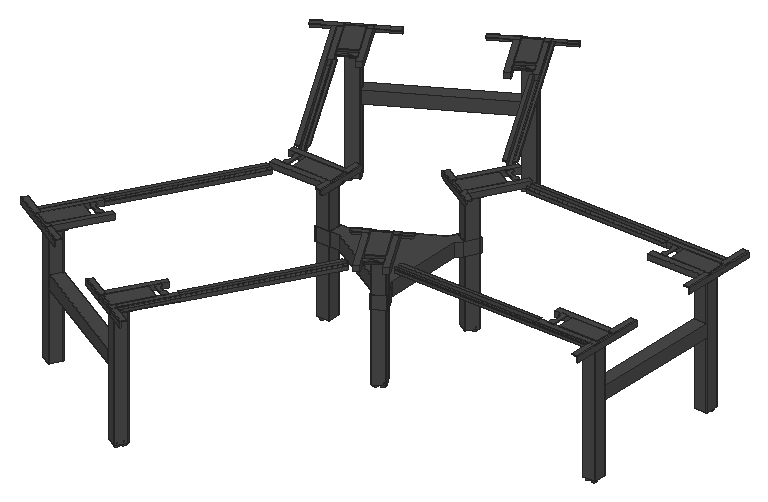
Revit family "Support-Teknion-HWBFYT_hiSpace_120_Frame-R2020", category Furniture, Revit 2020 (continued)
Dimensions and locks (in)
  aligned and locked: cut or joined group of Sweep 23, Sweep 25, Sweep 29 to curve 128
  aligned and locked: curve 130 to cut or joined group of Sweep 23, Sweep 25, Sweep 29
  aligned and locked: curve 132 to cut or joined group of Sweep 23, Sweep 25, Sweep 29
  aligned and locked: curve 133 to cut or joined group of Sweep 23, Sweep 25, Sweep 29
  aligned and locked: curve 134 to cut or joined group of Sweep 23, Sweep 25, Sweep 29
  aligned and locked: Sweep 20 to curve 128
  aligned and locked: Sweep 20 to curve 129
  aligned and locked: Sweep 16 to curve 135
  aligned and locked: Sweep 16 to curve 136
  aligned and locked: curve 135 to Sweep 13
  aligned and locked: Sweep 13 to curve 136
  aligned and locked: Sweep 20 to curve 135
  aligned and locked: Sweep 20 to curve 136
  aligned and locked: curve 137 to Sweep 13  (x2)
  aligned and locked: curve 138 to Sweep 13  (x2)
  aligned and locked: Sweep 13 to curve 137
  aligned and locked: Sweep 13 to curve 138
  aligned and locked: cut or joined group of Sweep 36, Sweep 37, Sweep 38 to curve 139  (x2)
  aligned and locked: Sweep 13 to curve 139
  aligned and locked: Masking region 4 sketch curve to cut or joined group of Sweep 50, Sweep 51, Sweep 56  (x11)
  aligned and locked: cut or joined group of Sweep 50, Sweep 51, Sweep 56 to Masking region 4 sketch curve  (x6)
  aligned and locked: Masking region 4 sketch curve to Sweep 8  (x2)
  aligned and locked: Sweep 18 to Masking region 4 sketch curve  (x9)
  aligned and locked: Masking region 4 sketch curve to Sweep 18  (x6)
  aligned and locked: cut or joined group of Sweep 48, Sweep 56 to Masking region 4 sketch curve
  aligned and locked: Masking region 4 sketch curve to cut or joined group of Sweep 48, Sweep 56  (x5)
  aligned and locked: Sweep 81 to Masking region 4 sketch curve  (x4)
  aligned and locked: Masking region 4 sketch curve to Sweep 81  (x2)
  aligned and locked: cut or joined group of Sweep 49, Sweep 56 to Masking region 4 sketch curve
  aligned and locked: Masking region 4 sketch curve to cut or joined group of Sweep 49, Sweep 56  (x5)
  aligned and locked: Masking region 4 sketch curve to Sweep 7  (x2)
  aligned and locked: curve 140 to cut or joined group of Sweep 50, Sweep 51, Sweep 56
  aligned and locked: curve 141 to cut or joined group of Sweep 50, Sweep 51, Sweep 56
  aligned and locked: cut or joined group of Sweep 50, Sweep 51, Sweep 56 to curve 140
  aligned and locked: plane 18 to curve 140
  aligned and locked: plane 18 to curve 141
  aligned and locked: cut or joined group of Sweep 50, Sweep 51, Sweep 56 to curve 141
  aligned and locked: curve 143 to Sweep 16  (x2)
  aligned and locked: curve 142 to Sweep 16
  aligned and locked: curve 142 to Sweep 8
  aligned and locked: Sweep 8 to curve 143
  aligned and locked: Sweep 16 to curve 142
  aligned and locked: cut or joined group of Sweep 48, Sweep 56 to curve 144
  aligned and locked: curve 145 to cut or joined group of Sweep 48, Sweep 56
  aligned and locked: curve 146 to cut or joined group of Sweep 48, Sweep 56
  aligned and locked: curve 147 to cut or joined group of Sweep 48, Sweep 56
  aligned and locked: curve 148 to cut or joined group of Sweep 48, Sweep 56
  aligned and locked: curve 149 to Masking region 4  (x2)
  aligned and locked: Masking region 4 to curve 149
  aligned and locked: curve 150 to Sweep 8  (x2)
  aligned and locked: curve 151 to Sweep 8  (x2)
  aligned and locked: Sweep 8 to curve 151
  aligned and locked: Sweep 8 to curve 150
  aligned and locked: curve 152 to cut or joined group of Sweep 50, Sweep 51, Sweep 56
  aligned and locked: curve 153 to cut or joined group of Sweep 50, Sweep 51, Sweep 56
  aligned and locked: plane 18 to curve 153
  aligned and locked: plane 18 to curve 152
  aligned and locked: cut or joined group of Sweep 50, Sweep 51, Sweep 56 to curve 153
  aligned and locked: cut or joined group of Sweep 50, Sweep 51, Sweep 56 to curve 152
  aligned and locked: Sweep 16 to curve 154
  aligned and locked: Sweep 7 to curve 154
  aligned and locked: curve 154 to Sweep 16
  aligned and locked: Sweep 16 to curve 155
  aligned and locked: curve 155 to Sweep 7
  aligned and locked: curve 155 to Sweep 16
  aligned and locked: Sweep 7 to curve 156  (x2)
  aligned and locked: Sweep 7 to curve 157  (x2)
  aligned and locked: curve 157 to Sweep 7
  aligned and locked: curve 156 to Sweep 7
  aligned and locked: curve 158 to cut or joined group of Sweep 49, Sweep 56
  aligned and locked: curve 159 to cut or joined group of Sweep 49, Sweep 56
  aligned and locked: curve 160 to cut or joined group of Sweep 49, Sweep 56
  aligned and locked: curve 161 to cut or joined group of Sweep 49, Sweep 56
  aligned and locked: cut or joined group of Sweep 49, Sweep 56 to curve 162  (x2)
  aligned and locked: cut or joined group of Sweep 49, Sweep 56 to curve 158
  aligned and locked: Masking region 4 to curve 163  (x3)
  aligned and locked: Masking region 4 sketch curve to cut or joined group of Sweep 43, Sweep 46, Sweep 56  (x6)
  aligned and locked: cut or joined group of Sweep 43, Sweep 46, Sweep 56 to Masking region 4 sketch curve  (x3)
  aligned and locked: Masking region 4 sketch curve to cut or joined group of Sweep 41, Sweep 56  (x5)
  aligned and locked: cut or joined group of Sweep 41, Sweep 56 to Masking region 4 sketch curve
  aligned and locked: Masking region 4 sketch curve to Sweep 14  (x2)
  aligned and locked: Sweep 45 to Masking region 4 sketch curve  (x2)
  aligned and locked: Masking region 4 sketch curve to Sweep 45  (x4)
  aligned and locked: Masking region 4 sketch curve to cut or joined group of Sweep 42, Sweep 47, Sweep 56  (x7)
  aligned and locked: cut or joined group of Sweep 42, Sweep 47, Sweep 56 to Masking region 4 sketch curve  (x2)
  aligned and locked: cut or joined group of Sweep 40, Sweep 56 to Masking region 4 sketch curve
  aligned and locked: Masking region 4 sketch curve to cut or joined group of Sweep 40, Sweep 56  (x5)
  aligned and locked: Sweep 44 to Masking region 4 sketch curve  (x2)
  aligned and locked: Masking region 4 sketch curve to Sweep 44  (x2)
  aligned and locked: Masking region 4 sketch curve to Sweep 15  (x2)
  aligned and locked: curve 164 to cut or joined group of Sweep 43, Sweep 46, Sweep 56
  aligned and locked: curve 165 to cut or joined group of Sweep 43, Sweep 46, Sweep 56
  aligned and locked: plane 20 to curve 164
  aligned and locked: plane 20 to curve 165
  aligned and locked: cut or joined group of Sweep 43, Sweep 46, Sweep 56 to curve 165
  aligned and locked: curve 166 to cut or joined group of Sweep 41, Sweep 56
  aligned and locked: curve 167 to cut or joined group of Sweep 41, Sweep 56
  aligned and locked: curve 168 to cut or joined group of Sweep 41, Sweep 56
  aligned and locked: cut or joined group of Sweep 41, Sweep 56 to curve 169  (x2)
  aligned and locked: curve 170 to cut or joined group of Sweep 41, Sweep 56
  aligned and locked: cut or joined group of Sweep 41, Sweep 56 to curve 166
  aligned and locked: Sweep 14 to curve 171
  aligned and locked: Sweep 16 to curve 171
  aligned and locked: curve 171 to Sweep 16
  aligned and locked: curve 172 to Sweep 14
  aligned and locked: Sweep 16 to curve 172
  aligned and locked: curve 172 to Sweep 16
  aligned and locked: curve 173 to Sweep 14  (x2)
  aligned and locked: curve 174 to Sweep 14  (x2)
  aligned and locked: Sweep 14 to curve 174
  aligned and locked: Sweep 14 to curve 173
  aligned and locked: curve 175 to Masking region 4
  aligned and locked: curve 164 to Masking region 4
  aligned and locked: curve 176 to cut or joined group of Sweep 40, Sweep 56
  aligned and locked: curve 177 to cut or joined group of Sweep 40, Sweep 56
  aligned and locked: curve 178 to cut or joined group of Sweep 40, Sweep 56
  aligned and locked: cut or joined group of Sweep 40, Sweep 56 to curve 179  (x2)
  aligned and locked: curve 180 to cut or joined group of Sweep 40, Sweep 56
  aligned and locked: cut or joined group of Sweep 40, Sweep 56 to curve 176
  aligned and locked: curve 181 to cut or joined group of Sweep 42, Sweep 47, Sweep 56
  aligned and locked: curve 182 to cut or joined group of Sweep 42, Sweep 47, Sweep 56
  aligned and locked: plane 20 to curve 181
  aligned and locked: plane 20 to curve 182
  aligned and locked: cut or joined group of Sweep 42, Sweep 47, Sweep 56 to curve 181
  aligned and locked: cut or joined group of Sweep 42, Sweep 47, Sweep 56 to curve 182
  aligned and locked: Sweep 16 to curve 184
  aligned and locked: Sweep 15 to curve 184
  aligned and locked: curve 183 to Sweep 15
  aligned and locked: Sweep 16 to curve 183
  aligned and locked: curve 183 to Sweep 16
  aligned and locked: curve 184 to Sweep 16
  aligned and locked: curve 185 to Sweep 15  (x2)
  aligned and locked: curve 186 to Sweep 15  (x2)
  aligned and locked: Sweep 15 to curve 185
  aligned and locked: Sweep 15 to curve 186
  aligned and locked: curve 187 to Masking region 4
  aligned and locked: Masking region 4 sketch curve to cut or joined group of Sweep 54, Sweep 55, Sweep 56  (x13)
  aligned and locked: Masking region 4 sketch curve to Sweep 17  (x5)
  aligned and locked: cut or joined group of Sweep 54, Sweep 55, Sweep 56 to Masking region 4 sketch curve  (x5)
  aligned and locked: Sweep 17 to Masking region 4 sketch curve  (x3)
  aligned and locked: Masking region 4 sketch curve to cut or joined group of Sweep 52, Sweep 56  (x5)
  aligned and locked: cut or joined group of Sweep 52, Sweep 56 to Masking region 4 sketch curve
  aligned and locked: Masking region 4 sketch curve to Sweep 11  (x2)
  aligned and locked: cut or joined group of Sweep 53, Sweep 56 to Masking region 4 sketch curve
  aligned and locked: Masking region 4 sketch curve to cut or joined group of Sweep 53, Sweep 56  (x5)
  aligned and locked: Masking region 4 sketch curve to Sweep 12  (x2)
  aligned and locked: curve 188 to cut or joined group of Sweep 54, Sweep 55, Sweep 56
  aligned and locked: curve 189 to cut or joined group of Sweep 54, Sweep 55, Sweep 56
  aligned and locked: plane 19 to curve 189
  aligned and locked: plane 19 to curve 188
  aligned and locked: cut or joined group of Sweep 54, Sweep 55, Sweep 56 to curve 188
  aligned and locked: cut or joined group of Sweep 54, Sweep 55, Sweep 56 to curve 189
  aligned and locked: cut or joined group of Sweep 52, Sweep 56 to curve 190  (x2)
  aligned and locked: curve 191 to cut or joined group of Sweep 52, Sweep 56
  aligned and locked: curve 192 to cut or joined group of Sweep 52, Sweep 56
  aligned and locked: curve 193 to cut or joined group of Sweep 52, Sweep 56
  aligned and locked: curve 194 to cut or joined group of Sweep 52, Sweep 56
  aligned and locked: plane 12 to curve 193
  aligned and locked: Sweep 16 to curve 195
  aligned and locked: curve 195 to Sweep 11
  aligned and locked: Sweep 16 to curve 196
  aligned and locked: Sweep 11 to curve 196
  aligned and locked: curve 196 to Sweep 16
  aligned and locked: curve 195 to Sweep 16
  aligned and locked: curve 197 to Sweep 11  (x2)
  aligned and locked: curve 198 to Sweep 11  (x2)
  aligned and locked: Sweep 11 to curve 198
  aligned and locked: Sweep 11 to curve 197
  aligned and locked: curve 199 to cut or joined group of Sweep 54, Sweep 55, Sweep 56
  aligned and locked: curve 200 to cut or joined group of Sweep 54, Sweep 55, Sweep 56
  aligned and locked: plane 19 to curve 199
  aligned and locked: plane 19 to curve 200
  aligned and locked: cut or joined group of Sweep 54, Sweep 55, Sweep 56 to curve 200
  aligned and locked: cut or joined group of Sweep 54, Sweep 55, Sweep 56 to curve 199
  aligned and locked: cut or joined group of Sweep 53, Sweep 56 to curve 201  (x2)
  aligned and locked: curve 202 to cut or joined group of Sweep 53, Sweep 56
  aligned and locked: cut or joined group of Sweep 53, Sweep 56 to curve 202
  aligned and locked: curve 203 to cut or joined group of Sweep 53, Sweep 56
  aligned and locked: curve 204 to cut or joined group of Sweep 53, Sweep 56
  aligned and locked: curve 205 to cut or joined group of Sweep 53, Sweep 56
  aligned and locked: Sweep 16 to curve 207
  aligned and locked: Sweep 16 to curve 206
  aligned and locked: Sweep 12 to curve 206
  aligned and locked: curve 207 to Sweep 12
  aligned and locked: curve 207 to Sweep 16
  aligned and locked: curve 206 to Sweep 16
  aligned and locked: curve 208 to Sweep 12  (x2)
  aligned and locked: curve 209 to Sweep 12  (x2)
  aligned and locked: Sweep 12 to curve 208
  aligned and locked: Sweep 12 to curve 209
  aligned and locked: curve 211 to Masking region 4
  aligned and locked: curve 210 to Masking region 4
  aligned and locked: curve 212 to cut or joined group of Sweep 50, Sweep 51, Sweep 56
  aligned and locked: curve 213 to cut or joined group of Sweep 50, Sweep 51, Sweep 56
  aligned and locked: curve 214 to Sweep 6
  aligned and locked: curve 215 to Sweep 6
  aligned and locked: curve 216 to Sweep 6
  aligned and locked: curve 217 to Sweep 6
  aligned and locked: curve 219 to Sweep 81
  aligned and locked: curve 221 to Sweep 81
  aligned and locked: curve 223 to Sweep 81
  aligned and locked: curve 225 to Sweep 81
  aligned and locked: curve 226 to Masking region 4
  aligned and locked: curve 227 to Masking region 4
  aligned and locked: curve 229 to cut or joined group of Sweep 3, Sweep 4, Sweep 5
  aligned and locked: curve 231 to cut or joined group of Sweep 3, Sweep 4, Sweep 5
  aligned and locked: curve 233 to cut or joined group of Sweep 3, Sweep 4, Sweep 5
  aligned and locked: curve 235 to cut or joined group of Sweep 3, Sweep 4, Sweep 5
  aligned and locked: curve 237 to cut or joined group of Sweep 3, Sweep 4, Sweep 5
  aligned and locked: curve 239 to cut or joined group of Sweep 3, Sweep 4, Sweep 5
  aligned and locked: curve 241 to cut or joined group of Sweep 3, Sweep 4, Sweep 5
  aligned and locked: curve 243 to cut or joined group of Sweep 3, Sweep 4, Sweep 5
  aligned and locked: curve 244 to cut or joined group of Sweep 50, Sweep 51, Sweep 56
  aligned and locked: curve 245 to cut or joined group of Sweep 50, Sweep 51, Sweep 56
  aligned and locked: curve 246 to cut or joined group of Sweep 49, Sweep 56
  aligned and locked: curve 247 to cut or joined group of Sweep 48, Sweep 56
  aligned and locked: curve 248 to Sweep 6
  aligned and locked: curve 249 to Sweep 6
  aligned and locked: curve 250 to Sweep 6
  aligned and locked: curve 251 to Sweep 6
  aligned and locked: curve 253 to Sweep 81
  aligned and locked: curve 255 to Sweep 81
  aligned and locked: curve 257 to Sweep 81
  aligned and locked: curve 259 to Sweep 81
  aligned and locked: Sweep 81 to curve 261
  aligned and locked: Sweep 81 to curve 260
  aligned and locked: curve 263 to cut or joined group of Sweep 3, Sweep 4, Sweep 5
  aligned and locked: curve 265 to cut or joined group of Sweep 3, Sweep 4, Sweep 5
  aligned and locked: curve 267 to cut or joined group of Sweep 3, Sweep 4, Sweep 5
  aligned and locked: curve 269 to cut or joined group of Sweep 3, Sweep 4, Sweep 5
  aligned and locked: curve 271 to cut or joined group of Sweep 3, Sweep 4, Sweep 5
  aligned and locked: curve 273 to cut or joined group of Sweep 3, Sweep 4, Sweep 5
  aligned and locked: curve 275 to cut or joined group of Sweep 3, Sweep 4, Sweep 5
  aligned and locked: curve 277 to cut or joined group of Sweep 3, Sweep 4, Sweep 5
  aligned and locked: curve 278 to cut or joined group of Sweep 24, Sweep 25, Sweep 30
  aligned and locked: curve 280 to Masking region 4
  aligned and locked: Masking region 4 to curve 279
  aligned and locked: curve 281 to Masking region 4
  aligned and locked: Masking region 4 to curve 282
  aligned and locked: curve 283 to Sweep 6
  aligned and locked: curve 284 to Sweep 6
  aligned and locked: curve 285 to Sweep 6
  aligned and locked: curve 286 to Sweep 6
  aligned and locked: curve 288 to Sweep 35
  aligned and locked: curve 289 to Sweep 35
  aligned and locked: curve 290 to Sweep 35
  aligned and locked: curve 291 to Sweep 35
  aligned and locked: curve 292 to Sweep 35
  aligned and locked: curve 293 to Sweep 35
  aligned and locked: curve 294 to Sweep 35
  aligned and locked: curve 295 to Sweep 35
  aligned and locked: Sweep 32 to curve 299
  aligned and locked: Sweep 32 to curve 301
  aligned and locked: curve 302 to Sweep 32
  aligned and locked: curve 304 to Sweep 81
  aligned and locked: curve 305 to Sweep 81
  aligned and locked: curve 307 to Sweep 81
  aligned and locked: curve 308 to Sweep 81
  aligned and locked: curve 310 to cut or joined group of Sweep 3, Sweep 4, Sweep 5
  aligned and locked: curve 312 to cut or joined group of Sweep 3, Sweep 4, Sweep 5
  aligned and locked: curve 314 to cut or joined group of Sweep 3, Sweep 4, Sweep 5
  aligned and locked: curve 316 to cut or joined group of Sweep 3, Sweep 4, Sweep 5
  aligned and locked: curve 318 to cut or joined group of Sweep 3, Sweep 4, Sweep 5
  aligned and locked: curve 320 to cut or joined group of Sweep 3, Sweep 4, Sweep 5
  aligned and locked: curve 322 to cut or joined group of Sweep 3, Sweep 4, Sweep 5
  aligned and locked: curve 324 to cut or joined group of Sweep 3, Sweep 4, Sweep 5
  aligned and locked: curve 325 to cut or joined group of Sweep 36, Sweep 37, Sweep 38
  aligned and locked: curve 326 to cut or joined group of Sweep 36, Sweep 37, Sweep 38
  aligned and locked: curve 327 to cut or joined group of Sweep 36, Sweep 37, Sweep 38
  aligned and locked: curve 328 to cut or joined group of Sweep 36, Sweep 37, Sweep 38
  aligned and locked: curve 329 to cut or joined group of Sweep 36, Sweep 37, Sweep 38
  aligned and locked: curve 330 to cut or joined group of Sweep 36, Sweep 37, Sweep 38
  aligned and locked: curve 331 to cut or joined group of Sweep 36, Sweep 37, Sweep 38
  aligned and locked: curve 332 to cut or joined group of Sweep 36, Sweep 37, Sweep 38
  aligned and locked: curve 333 to cut or joined group of Sweep 36, Sweep 37, Sweep 38
  aligned and locked: curve 334 to cut or joined group of Sweep 36, Sweep 37, Sweep 38
  aligned and locked: curve 335 to cut or joined group of Sweep 36, Sweep 37, Sweep 38
  aligned and locked: curve 336 to cut or joined group of Sweep 36, Sweep 37, Sweep 38
  aligned and locked: curve 337 to cut or joined group of Sweep 36, Sweep 37, Sweep 38  (x2)
  aligned and locked: curve 338 to cut or joined group of Sweep 36, Sweep 37, Sweep 38
  aligned and locked: curve 339 to cut or joined group of Sweep 36, Sweep 37, Sweep 38
  aligned and locked: cut or joined group of Sweep 36, Sweep 37, Sweep 38 to curve 340  (x2)
  aligned and locked: curve 341 to cut or joined group of Sweep 36, Sweep 37, Sweep 38
  aligned and locked: cut or joined group of Sweep 36, Sweep 37, Sweep 38 to curve 342  (x2)
  aligned and locked: curve 343 to cut or joined group of Sweep 36, Sweep 37, Sweep 38
  aligned and locked: curve 344 to cut or joined group of Sweep 36, Sweep 37, Sweep 38
  aligned and locked: curve 345 to cut or joined group of Sweep 36, Sweep 37, Sweep 38
  aligned and locked: curve 346 to cut or joined group of Sweep 36, Sweep 37, Sweep 38
  aligned and locked: curve 347 to cut or joined group of Sweep 36, Sweep 37, Sweep 38
  aligned and locked: curve 348 to cut or joined group of Sweep 36, Sweep 37, Sweep 38
  aligned and locked: curve 349 to cut or joined group of Sweep 36, Sweep 37, Sweep 38
  aligned and locked: curve 350 to cut or joined group of Sweep 36, Sweep 37, Sweep 38
  aligned and locked: curve 351 to cut or joined group of Sweep 36, Sweep 37, Sweep 38
  aligned and locked: cut or joined group of Sweep 36, Sweep 37, Sweep 38 to curve 352  (x2)
  aligned and locked: curve 353 to cut or joined group of Sweep 36, Sweep 37, Sweep 38
  aligned and locked: curve 354 to cut or joined group of Sweep 36, Sweep 37, Sweep 38  (x2)
  aligned and locked: curve 355 to cut or joined group of Sweep 36, Sweep 37, Sweep 38
  aligned and locked: curve 357 to Sweep 6
  aligned and locked: curve 358 to Sweep 6
  aligned and locked: curve 359 to Sweep 6
  aligned and locked: curve 360 to Sweep 6
  aligned and locked: curve 362 to Masking region 4
  aligned and locked: curve 365 to Masking region 4
  aligned and locked: curve 363 to Sweep 20
  aligned and locked: curve 364 to Masking region 4
  aligned and locked: cut or joined group of Sweep 36, Sweep 37, Sweep 38 to curve 338
  aligned and locked: curve 366 to cut or joined group of Sweep 36, Sweep 37, Sweep 38
  aligned and locked: curve 367 to Sweep 33
  aligned and locked: curve 368 to Sweep 33
  aligned and locked: curve 369 to Sweep 33
  aligned and locked: curve 370 to Sweep 33
  aligned and locked: curve 361 to cut or joined group of Sweep 23, Sweep 25, Sweep 29
  aligned and locked: cut or joined group of Sweep 23, Sweep 25, Sweep 29 to curve 361  (x2)
  aligned and locked: curve 371 to Sweep 35
  aligned and locked: curve 372 to Sweep 35
  aligned and locked: curve 373 to Sweep 35
  aligned and locked: curve 374 to Sweep 35
  aligned and locked: curve 375 to Sweep 35
  aligned and locked: Sweep 35 to curve 377
  aligned and locked: curve 378 to Sweep 35
  aligned and locked: curve 380 to Sweep 35
  aligned and locked: curve 381 to Sweep 35
  aligned and locked: curve 382 to Sweep 35
  aligned and locked: curve 384 to Sweep 81
  aligned and locked: curve 385 to Sweep 81
  aligned and locked: curve 387 to Sweep 81
  aligned and locked: curve 388 to Sweep 81
  aligned and locked: curve 390 to cut or joined group of Sweep 3, Sweep 4, Sweep 5
  aligned and locked: curve 392 to cut or joined group of Sweep 3, Sweep 4, Sweep 5
  aligned and locked: curve 394 to cut or joined group of Sweep 3, Sweep 4, Sweep 5
  aligned and locked: curve 396 to cut or joined group of Sweep 3, Sweep 4, Sweep 5
  aligned and locked: curve 398 to cut or joined group of Sweep 3, Sweep 4, Sweep 5
  aligned and locked: curve 400 to cut or joined group of Sweep 3, Sweep 4, Sweep 5
  aligned and locked: curve 402 to cut or joined group of Sweep 3, Sweep 4, Sweep 5
  aligned and locked: curve 404 to cut or joined group of Sweep 3, Sweep 4, Sweep 5
  aligned and locked: curve 356 to cut or joined group of Sweep 36, Sweep 37, Sweep 38
  aligned and locked: curve 405 to Sweep 6
  aligned and locked: curve 406 to Sweep 6
  aligned and locked: curve 407 to Sweep 6
  aligned and locked: curve 408 to Sweep 6
  aligned and locked: curve 409 to Sweep 35
  aligned and locked: curve 410 to Sweep 35
  aligned and locked: curve 411 to Sweep 35
  aligned and locked: curve 412 to Sweep 35
  aligned and locked: curve 413 to Sweep 35
  aligned and locked: curve 414 to Sweep 35
  aligned and locked: curve 415 to Sweep 35
  aligned and locked: curve 416 to Sweep 35
  aligned and locked: curve 417 to Sweep 35
  aligned and locked: curve 418 to Sweep 35
  aligned and locked: curve 419 to Sweep 35
  aligned and locked: curve 420 to Sweep 35
  aligned and locked: curve 423 to Sweep 81
  aligned and locked: curve 424 to Sweep 81
  aligned and locked: curve 425 to Sweep 81
  aligned and locked: curve 426 to Sweep 81
  aligned and locked: curve 427 to Sweep 34
  aligned and locked: curve 428 to Sweep 33
  aligned and locked: Sweep 32 to curve 431
  aligned and locked: Sweep 34 to curve 432
  aligned and locked: curve 433 to Sweep 34
  aligned and locked: curve 434 to Sweep 34
  aligned and locked: curve 436 to cut or joined group of Sweep 3, Sweep 4, Sweep 5
  aligned and locked: curve 437 to cut or joined group of Sweep 3, Sweep 4, Sweep 5
  aligned and locked: curve 438 to Sweep 81
  aligned and locked: curve 441 to cut or joined group of Sweep 3, Sweep 4, Sweep 5
  aligned and locked: curve 442 to cut or joined group of Sweep 3, Sweep 4, Sweep 5
  aligned and locked: curve 444 to cut or joined group of Sweep 3, Sweep 4, Sweep 5
  aligned and locked: curve 445 to cut or joined group of Sweep 3, Sweep 4, Sweep 5
  aligned and locked: curve 448 to cut or joined group of Sweep 3, Sweep 4, Sweep 5
  aligned and locked: curve 449 to cut or joined group of Sweep 3, Sweep 4, Sweep 5
  aligned and locked: curve 452 to cut or joined group of Sweep 43, Sweep 46, Sweep 56
  aligned and locked: curve 453 to cut or joined group of Sweep 43, Sweep 46, Sweep 56
  aligned and locked: cut or joined group of Sweep 43, Sweep 46, Sweep 56 to curve 452
  aligned and locked: curve 454 to cut or joined group of Sweep 42, Sweep 47, Sweep 56
  aligned and locked: cut or joined group of Sweep 42, Sweep 47, Sweep 56 to curve 455  (x2)
  aligned and locked: curve 456 to Sweep 34
  aligned and locked: curve 457 to Sweep 34
  aligned and locked: cut or joined group of Sweep 42, Sweep 47, Sweep 56 to curve 454
  aligned and locked: curve 458 to cut or joined group of Sweep 40, Sweep 56
  aligned and locked: cut or joined group of Sweep 40, Sweep 56 to curve 458
  aligned and locked: curve 459 to cut or joined group of Sweep 41, Sweep 56
  aligned and locked: cut or joined group of Sweep 41, Sweep 56 to curve 459
  aligned and locked: curve 460 to Sweep 6
  aligned and locked: curve 461 to Sweep 6
  aligned and locked: curve 462 to Sweep 6
  aligned and locked: curve 463 to Sweep 6
  aligned and locked: curve 465 to Sweep 81
  aligned and locked: curve 467 to Sweep 81
  aligned and locked: curve 469 to Sweep 81
  aligned and locked: curve 471 to Sweep 81
  aligned and locked: curve 473 to cut or joined group of Sweep 3, Sweep 4, Sweep 5
  aligned and locked: curve 475 to cut or joined group of Sweep 3, Sweep 4, Sweep 5
  aligned and locked: curve 477 to cut or joined group of Sweep 3, Sweep 4, Sweep 5
  aligned and locked: curve 479 to cut or joined group of Sweep 3, Sweep 4, Sweep 5
  aligned and locked: curve 481 to cut or joined group of Sweep 3, Sweep 4, Sweep 5
  aligned and locked: curve 483 to cut or joined group of Sweep 3, Sweep 4, Sweep 5
  aligned and locked: curve 485 to cut or joined group of Sweep 3, Sweep 4, Sweep 5
  aligned and locked: curve 487 to cut or joined group of Sweep 3, Sweep 4, Sweep 5
  aligned and locked: curve 488 to Sweep 6
  aligned and locked: curve 489 to Sweep 6
  aligned and locked: curve 490 to Sweep 6
  aligned and locked: curve 491 to Sweep 6
  aligned and locked: curve 493 to Sweep 81
  aligned and locked: curve 495 to Sweep 81
  aligned and locked: curve 497 to Sweep 81
  aligned and locked: curve 499 to Sweep 81
  aligned and locked: curve 501 to cut or joined group of Sweep 3, Sweep 4, Sweep 5
  aligned and locked: curve 503 to cut or joined group of Sweep 3, Sweep 4, Sweep 5
  aligned and locked: curve 505 to cut or joined group of Sweep 3, Sweep 4, Sweep 5
  aligned and locked: curve 507 to cut or joined group of Sweep 3, Sweep 4, Sweep 5
  aligned and locked: curve 509 to cut or joined group of Sweep 3, Sweep 4, Sweep 5
  aligned and locked: curve 511 to cut or joined group of Sweep 3, Sweep 4, Sweep 5
  aligned and locked: curve 513 to cut or joined group of Sweep 3, Sweep 4, Sweep 5
  aligned and locked: curve 515 to cut or joined group of Sweep 3, Sweep 4, Sweep 5
  aligned and locked: curve 516 to cut or joined group of Sweep 54, Sweep 55, Sweep 56
  aligned and locked: curve 517 to cut or joined group of Sweep 54, Sweep 55, Sweep 56
  aligned and locked: cut or joined group of Sweep 54, Sweep 55, Sweep 56 to curve 517
  aligned and locked: cut or joined group of Sweep 54, Sweep 55, Sweep 56 to curve 516
  aligned and locked: curve 518 to cut or joined group of Sweep 54, Sweep 55, Sweep 56
  aligned and locked: curve 519 to cut or joined group of Sweep 54, Sweep 55, Sweep 56
  aligned and locked: cut or joined group of Sweep 54, Sweep 55, Sweep 56 to curve 518
  aligned and locked: cut or joined group of Sweep 54, Sweep 55, Sweep 56 to curve 519
  aligned and locked: curve 520 to cut or joined group of Sweep 52, Sweep 56
  aligned and locked: cut or joined group of Sweep 53, Sweep 56 to curve 521  (x2)
  aligned and locked: cut or joined group of Sweep 52, Sweep 56 to curve 520
  aligned and locked: curve 522 to Sweep 6
  aligned and locked: curve 523 to Sweep 6
  aligned and locked: curve 524 to Sweep 6
  aligned and locked: curve 525 to Sweep 6
  aligned and locked: curve 527 to Sweep 81
  aligned and locked: curve 529 to Sweep 81
  aligned and locked: curve 531 to Sweep 81
  aligned and locked: curve 533 to Sweep 81
  aligned and locked: curve 535 to cut or joined group of Sweep 3, Sweep 4, Sweep 5
  aligned and locked: curve 537 to cut or joined group of Sweep 3, Sweep 4, Sweep 5
  aligned and locked: curve 539 to cut or joined group of Sweep 3, Sweep 4, Sweep 5
  aligned and locked: curve 541 to cut or joined group of Sweep 3, Sweep 4, Sweep 5
  aligned and locked: curve 543 to cut or joined group of Sweep 3, Sweep 4, Sweep 5
  aligned and locked: curve 545 to cut or joined group of Sweep 3, Sweep 4, Sweep 5
  aligned and locked: curve 547 to cut or joined group of Sweep 3, Sweep 4, Sweep 5
  aligned and locked: curve 549 to cut or joined group of Sweep 3, Sweep 4, Sweep 5
  aligned and locked: curve 550 to Sweep 6
  aligned and locked: curve 551 to Sweep 6
  aligned and locked: curve 552 to Sweep 6
  aligned and locked: curve 553 to Sweep 6
  aligned and locked: curve 555 to Sweep 81
  aligned and locked: curve 557 to Sweep 81
  aligned and locked: curve 559 to Sweep 81
  aligned and locked: curve 561 to Sweep 81
  aligned and locked: curve 563 to cut or joined group of Sweep 3, Sweep 4, Sweep 5
  aligned and locked: curve 565 to cut or joined group of Sweep 3, Sweep 4, Sweep 5
  aligned and locked: curve 567 to cut or joined group of Sweep 3, Sweep 4, Sweep 5
  aligned and locked: curve 569 to cut or joined group of Sweep 3, Sweep 4, Sweep 5
  aligned and locked: curve 571 to cut or joined group of Sweep 3, Sweep 4, Sweep 5
  aligned and locked: curve 573 to cut or joined group of Sweep 3, Sweep 4, Sweep 5
  aligned and locked: curve 575 to cut or joined group of Sweep 3, Sweep 4, Sweep 5
  aligned and locked: curve 577 to cut or joined group of Sweep 3, Sweep 4, Sweep 5
  aligned and locked: curve 578 to Sweep 17
  aligned and locked: Sweep 17 to curve 579
  aligned and locked: curve 580 to Sweep 17
  aligned and locked: Sweep 17 to curve 581
  aligned and locked: cut or joined group of Sweep 52, Sweep 56 to curve 578
  aligned and locked: cut or joined group of Sweep 52, Sweep 56 to curve 579
  aligned and locked: cut or joined group of Sweep 52, Sweep 56 to curve 580
  aligned and locked: Sweep 17 to curve 582
  aligned and locked: Sweep 17 to curve 583
  aligned and locked: curve 584 to Sweep 17
  aligned and locked: Sweep 17 to curve 585
  aligned and locked: cut or joined group of Sweep 53, Sweep 56 to curve 582
  aligned and locked: cut or joined group of Sweep 53, Sweep 56 to curve 583
  aligned and locked: cut or joined group of Sweep 53, Sweep 56 to curve 584
  aligned and locked: cut or joined group of Sweep 53, Sweep 56 to curve 585
  aligned and locked: curve 586 to Sweep 18
  aligned and locked: Sweep 18 to curve 587
  aligned and locked: Sweep 18 to curve 588
  aligned and locked: curve 589 to Sweep 18
  aligned and locked: cut or joined group of Sweep 48, Sweep 56 to curve 589
  aligned and locked: cut or joined group of Sweep 48, Sweep 56 to curve 588
  aligned and locked: cut or joined group of Sweep 48, Sweep 56 to curve 586
  aligned and locked: cut or joined group of Sweep 48, Sweep 56 to curve 587
  aligned and locked: curve 590 to Sweep 18
  aligned and locked: Sweep 18 to curve 591
  aligned and locked: curve 592 to Sweep 18
  aligned and locked: Sweep 18 to curve 593
  aligned and locked: cut or joined group of Sweep 49, Sweep 56 to curve 592
  aligned and locked: cut or joined group of Sweep 49, Sweep 56 to curve 593
  aligned and locked: cut or joined group of Sweep 49, Sweep 56 to curve 591
  aligned and locked: cut or joined group of Sweep 49, Sweep 56 to curve 590
  aligned and locked: curve 594 to Sweep 45
  aligned and locked: Sweep 45 to curve 595
  aligned and locked: curve 596 to Sweep 45
  aligned and locked: Sweep 45 to curve 597
  aligned and locked: cut or joined group of Sweep 41, Sweep 56 to curve 596
  aligned and locked: cut or joined group of Sweep 41, Sweep 56 to curve 595
  aligned and locked: cut or joined group of Sweep 41, Sweep 56 to curve 594
  aligned and locked: Sweep 44 to curve 598
  aligned and locked: curve 599 to Sweep 44
  aligned and locked: Sweep 44 to curve 600
  aligned and locked: curve 601 to Sweep 44
  aligned and locked: cut or joined group of Sweep 40, Sweep 56 to curve 600
  aligned and locked: cut or joined group of Sweep 40, Sweep 56 to curve 598
  aligned and locked: cut or joined group of Sweep 40, Sweep 56 to curve 599
  aligned and locked: curve 602 to Sweep 1
  aligned and locked: curve 603 to Sweep 1
  aligned and locked: curve 604 to Sweep 2
  aligned and locked: curve 605 to Sweep 2
  aligned and locked: curve 606 to Sweep 1
  aligned and locked: curve 607 to Sweep 1
  aligned and locked: curve 608 to Sweep 2
  aligned and locked: curve 609 to Sweep 2
  aligned and locked: curve 610 to Sweep 1
  aligned and locked: curve 611 to Sweep 1
  aligned and locked: curve 612 to Sweep 2
  aligned and locked: curve 613 to Sweep 2
  aligned and locked: curve 614 to Sweep 1
  aligned and locked: curve 615 to Sweep 1
  aligned and locked: curve 616 to Sweep 2
  aligned and locked: curve 617 to Sweep 2
  aligned and locked: curve 618 to Sweep 1
  aligned and locked: curve 619 to Sweep 1
  aligned and locked: curve 620 to Sweep 2
  aligned and locked: curve 621 to Sweep 2
  aligned and locked: curve 622 to Sweep 1
  aligned and locked: curve 623 to Sweep 1
  aligned and locked: curve 624 to Sweep 2
  aligned and locked: curve 625 to Sweep 2
  aligned and locked: curve 626 to Sweep 1
  aligned and locked: curve 627 to Sweep 1
  aligned and locked: curve 628 to Sweep 2
  aligned and locked: curve 629 to Sweep 2
  aligned and locked: curve 630 to Sweep 1
  aligned and locked: curve 631 to Sweep 1
  aligned and locked: curve 632 to Sweep 2
  aligned and locked: curve 633 to Sweep 2
  aligned and locked: curve 634 to Sweep 1
  aligned and locked: curve 635 to Sweep 1
  aligned and locked: curve 636 to Sweep 2
  aligned and locked: curve 637 to Sweep 2
  aligned and locked: curve 638 to Sweep 1
  aligned and locked: curve 639 to Sweep 1
  aligned and locked: curve 640 to Sweep 2
  aligned and locked: curve 641 to Sweep 2
  aligned and locked: curve 642 to Sweep 1
  aligned and locked: curve 643 to Sweep 1
  aligned and locked: curve 644 to Sweep 2
  aligned and locked: curve 645 to Sweep 2
  aligned and locked: curve 646 to Sweep 1
  aligned and locked: curve 647 to Sweep 1
  aligned and locked: curve 648 to Sweep 2
  aligned and locked: curve 649 to Sweep 2
  aligned and locked: curve 650 to Sweep 1
  aligned and locked: curve 651 to Sweep 1
  aligned and locked: curve 652 to Sweep 2
  aligned and locked: curve 653 to Sweep 2
  aligned and locked: curve 654 to Sweep 1
  aligned and locked: curve 655 to Sweep 1
  aligned and locked: curve 656 to Sweep 2
  aligned and locked: curve 657 to Sweep 2
  aligned and locked: curve 658 to Sweep 1
  aligned and locked: curve 659 to Sweep 1
  aligned and locked: curve 660 to Sweep 2
  aligned and locked: curve 661 to Sweep 2
  aligned and locked: curve 662 to Sweep 1
  aligned and locked: curve 663 to Sweep 1
  aligned and locked: curve 664 to Sweep 2
  aligned and locked: curve 665 to Sweep 2
  aligned and locked: curve 666 to Sweep 1
  aligned and locked: curve 667 to Sweep 1
  aligned and locked: curve 668 to Sweep 2
  aligned and locked: curve 669 to Sweep 2
  aligned and locked: curve 670 to Sweep 1
  aligned and locked: curve 671 to Sweep 1
  aligned and locked: curve 672 to Sweep 2
  aligned and locked: curve 673 to Sweep 2
  aligned and locked: Sweep 28 to curve 558
  aligned and locked: curve 675 to Sweep 28
  aligned and locked: curve 676 to Sweep 17
  aligned and locked: Sweep 17 to curve 677  (x2)
  aligned and locked: cut or joined group of Sweep 53, Sweep 56 to curve 677
  aligned and locked: Sweep 17 to curve 676
  aligned and locked: Sweep 28 to curve 530
  aligned and locked: curve 678 to Sweep 28
  aligned and locked: curve 680 to Sweep 26
  aligned and locked: Sweep 26 to curve 496
  aligned and locked: Sweep 26 to curve 468
  aligned and locked: curve 683 to Sweep 26
  aligned and locked: curve 684 to cut or joined group of Sweep 22, Sweep 25, Sweep 31
  aligned and locked: cut or joined group of Sweep 22, Sweep 25, Sweep 31 to curve 684
  aligned and locked: Sweep 21 to curve 685
  aligned and locked: curve 686 to Sweep 21
  aligned and locked: Sweep 21 to curve 687
  aligned and locked: curve 688 to Sweep 21
  aligned and locked: cut or joined group of Sweep 22, Sweep 25, Sweep 31 to curve 685
  aligned and locked: cut or joined group of Sweep 22, Sweep 25, Sweep 31 to curve 686
  aligned and locked: cut or joined group of Sweep 22, Sweep 25, Sweep 31 to curve 687
  aligned and locked: plane 1 "Center Front/Back" to nested 3
  aligned and locked: plane 1 "Center Front/Back" to nested 2
  aligned and locked: plane 1 "Center Front/Back" to nested 1
  aligned and locked: plane 4 "Center 2" to nested 4
  aligned and locked: plane 4 "Center 2" to nested 5
  aligned and locked: nested 6 to plane 4 "Center 2"
  aligned and locked: plane 3 "Center 1" to nested 7
  aligned and locked: plane 3 "Center 1" to nested 8
  aligned and locked: nested 9 to plane 3 "Center 1"
  aligned and locked: curve 429 to Sweep 33
  aligned and locked: curve 379 to Sweep 35
  aligned and locked: curve 376 to Sweep 35
  aligned and locked: plane 8 "Top" to Sweep 16 sketch curve
  aligned and locked: plane 29 to Sweep 4 sketch curve
  aligned and locked: plane 27 to Sweep 4 sketch curve
Automatic sketch dimensions
  Sweep 2 sketch curve to Sweep 2 sketch curve = 0.000"  (x12)
  Sweep 2 sketch curve to Sweep 2 sketch curve = 0.10229"  (x20)
  profile plane to Sweep 2 sketch curve = 0.05906"
  Sweep 2 sketch curve to profile plane = 0.05906"
  Sweep 2 sketch curve to Sweep 2 sketch curve = 0.11811"  (x6)
  Sweep 2 sketch curve to Sweep 2 sketch curve = 0.05906"  (x13)
  profile plane to Sweep 2 sketch curve = 0.10229"
  Sweep 3 sketch curve to Sweep 3 sketch curve = 0.05044"  (x11)
  Sweep 3 sketch curve to Sweep 3 sketch curve = 0.0689"  (x32)
  Sweep 3 sketch curve to Sweep 3 sketch curve = 1.22047"  (x12)
  Sweep 3 sketch curve to Sweep 3 sketch curve = 0.11933"  (x28)
  Sweep 3 sketch curve to Sweep 3 sketch curve = 0.1378"  (x8)
  plane 1 "Center Front/Back" to Sweep 3 sketch curve = 1.22047"
  Sweep 1 sketch curve to Sweep 1 sketch curve = 0.42619"  (x12)
  Sweep 1 sketch curve to Sweep 1 sketch curve = 0.25572"  (x4)
  Sweep 1 sketch curve to Sweep 1 sketch curve = 0.000"  (x18)
  profile plane to Sweep 1 sketch curve = 7.9085"  (x2)
  Sweep 1 sketch curve to Sweep 1 sketch curve = 0.63976"  (x2)
  Sweep 1 sketch curve to Sweep 1 sketch curve = 0.24606"  (x4)
  Sweep 1 sketch curve to Sweep 1 sketch curve = 0.14764"  (x4)
  Sweep 1 sketch curve to Sweep 1 sketch curve = 0.49212"  (x6)
  Sweep 1 sketch curve to Sweep 1 sketch curve = 0.29529"  (x2)
  Sweep 3 sketch curve to Sweep 3 sketch curve = 2.11392"
  Sweep 3 sketch curve to Sweep 3 sketch curve = 0.000"  (x2)
  Sweep 3 sketch curve to Sweep 3 sketch curve = 2.44094"
  Sweep 4 sketch curve to Sweep 4 sketch curve = 0.03603"  (x12)
  Sweep 4 sketch curve to Sweep 4 sketch curve = 0.04921"  (x27)
  Sweep 4 sketch curve to Sweep 4 sketch curve = 1.07283"  (x8)
  Sweep 4 sketch curve to Sweep 4 sketch curve = 0.08524"  (x29)
  Sweep 4 sketch curve to Sweep 4 sketch curve = 1.8582"  (x4)
  Sweep 4 sketch curve to Sweep 4 sketch curve = 1.20729"
  Sweep 4 sketch curve to Sweep 4 sketch curve = 0.13445"  (x3)
  Sweep 4 sketch curve to Sweep 4 sketch curve = 0.09843"  (x8)
  Sweep 4 sketch curve to plane 1 "Center Front/Back" = 1.0748"
  Sweep 4 sketch curve to Sweep 4 sketch curve = 2.14567"
  Sweep 4 sketch curve to Sweep 4 sketch curve = 0.000"
  Sweep 4 sketch curve to Sweep 4 sketch curve = 2.14961"
  Sweep 5 sketch curve to Sweep 5 sketch curve = 0.03603"  (x12)
  Sweep 5 sketch curve to Sweep 5 sketch curve = 0.08524"  (x29)
  Sweep 5 sketch curve to Sweep 5 sketch curve = 0.88583"  (x11)
  Sweep 5 sketch curve to Sweep 5 sketch curve = 0.04921"  (x27)
  Sweep 5 sketch curve to Sweep 5 sketch curve = 1.5343"  (x2)
  Sweep 5 sketch curve to Sweep 5 sketch curve = 0.09843"  (x9)
  Sweep 5 sketch curve to plane 1 "Center Front/Back" = 0.88583"
  Sweep 5 sketch curve to Sweep 5 sketch curve = 0.13445"  (x3)
  Sweep 5 sketch curve to Sweep 5 sketch curve = 1.77165"  (x2)
  Sweep 7 sketch curve to Sweep 7 sketch curve = 0.15748"
  profile plane to Sweep 13 sketch curve = 35.01501"
  profile plane to Sweep 14 sketch curve = 8.85205"
  Sweep 16 sketch curve to Sweep 16 sketch curve = 0.72834"  (x2)
  Sweep 16 sketch curve to Sweep 16 sketch curve = 0.56754"  (x3)
  Sweep 16 sketch curve to Sweep 16 sketch curve = 1.29589"  (x3)
  Sweep 16 sketch curve to Sweep 16 sketch curve = 0.72835"
  profile plane to Sweep 20 sketch curve = 3.10827"
  Sweep 20 sketch curve to profile plane = 1.91929"
  Sweep 23 sketch curve to profile plane = 26.16291"
  Sweep 23 sketch curve to Sweep 23 sketch curve = 0.03937"
  Sweep 24 sketch curve to Sweep 24 sketch curve = 0.03937"
  Sweep 25 sketch curve to Sweep 25 sketch curve = 0.56521"
  profile plane to Sweep 25 sketch curve = 10.65663"  (x2)
  profile plane to Sweep 25 sketch curve = 7.26149"  (x2)
  profile plane to Sweep 25 sketch curve = 4.38975"
  Sweep 25 sketch curve to Sweep 25 sketch curve = 0.19685"  (x2)
  Sweep 25 sketch curve to Sweep 25 sketch curve = 0.52584"
  profile plane to Sweep 25 sketch curve = 7.31527"
  Sweep 25 sketch curve to Sweep 25 sketch curve = 0.34095"
  Sweep 25 sketch curve to Sweep 25 sketch curve = 0.03937"
  Sweep 25 sketch curve to Sweep 25 sketch curve = 0.0341"  (x2)
  profile plane to Sweep 25 sketch curve = 10.67104"
  Sweep 25 sketch curve to Sweep 25 sketch curve = 0.000"
  profile plane to Sweep 26 sketch curve = 1.52068"
  profile plane to Sweep 29 sketch curve = 5.51181"
  Sweep 29 sketch curve to profile plane = 4.72441"
  profile plane to Sweep 33 sketch curve = 1.33858"
  Sweep 33 sketch curve to profile plane = 0.625"
  plane 1 "Center Front/Back" to Sweep 37 sketch curve = 1.38132"
  Sweep 37 sketch curve to Sweep 37 sketch curve = 1.55935"
  plane 1 "Center Front/Back" to Sweep 37 sketch curve = 8.30212"
  Sweep 37 sketch curve to Sweep 37 sketch curve = 1.38226"
  Sweep 37 sketch curve to Sweep 37 sketch curve = 0.90015"
  Sweep 37 sketch curve to Sweep 37 sketch curve = 0.90087"
  Sweep 37 sketch curve to plane 1 "Center Front/Back" = 1.38132"
  Sweep 37 sketch curve to Sweep 37 sketch curve = 0.17857"
  Sweep 37 sketch curve to Sweep 37 sketch curve = 1.55876"
  Sweep 37 sketch curve to Sweep 37 sketch curve = 0.90053"
  Sweep 37 sketch curve to Sweep 37 sketch curve = 0.90002"
  Sweep 38 sketch curve to Sweep 38 sketch curve = 0.29728"  (x2)
  Sweep 38 sketch curve to Sweep 38 sketch curve = 1.08394"
  Sweep 38 sketch curve to Sweep 38 sketch curve = 1.51558"
  Sweep 38 sketch curve to Sweep 38 sketch curve = 1.51565"
  Sweep 38 sketch curve to plane 1 "Center Front/Back" = 1.38132"
  Sweep 38 sketch curve to plane 1 "Center Front/Back" = 1.08404"
  plane 1 "Center Front/Back" to Sweep 38 sketch curve = 1.08404"
  plane 1 "Center Front/Back" to Sweep 38 sketch curve = 1.38132"
  Sweep 38 sketch curve to Sweep 38 sketch curve = 1.08393"
  Sweep 38 sketch curve to Sweep 38 sketch curve = 1.51542"
  Sweep 38 sketch curve to Sweep 38 sketch curve = 1.51554"
  Sweep 38 sketch curve to Sweep 38 sketch curve = 1.50142"
  profile plane to Sweep 38 sketch curve = 7.83648"
  Sweep 38 sketch curve to Sweep 38 sketch curve = 1.50146"
  Sweep 40 sketch curve to profile plane = 0.11766"
  profile plane to Sweep 40 sketch curve = 0.00049"
  Sweep 40 sketch curve to Sweep 40 sketch curve = 0.03941"
  profile plane to Sweep 41 sketch curve = 0.00049"
  Sweep 41 sketch curve to Sweep 41 sketch curve = 0.03937"
  Sweep 41 sketch curve to Sweep 41 sketch curve = 0.03941"
  profile plane to Sweep 15 sketch curve = 8.85205"
  profile plane to Sweep 42 sketch curve = 3.21851"
  Sweep 42 sketch curve to Sweep 42 sketch curve = 0.075"
  profile plane to Sweep 44 sketch curve = 2.46851"
  profile plane to Sweep 45 sketch curve = 2.46851"
  Sweep 46 sketch curve to profile plane = 2.46851"
  Sweep 46 sketch curve to Sweep 46 sketch curve = 0.075"
  profile plane to Sweep 43 sketch curve = 2.54351"
  profile plane to Sweep 47 sketch curve = 2.54351"
  Sweep 48 sketch curve to Sweep 48 sketch curve = 0.03937"
  Sweep 49 sketch curve to Sweep 49 sketch curve = 0.03937"
  Sweep 56 sketch curve to Sweep 56 sketch curve = 0.3125"  (x2)
  Sweep 56 sketch curve to Sweep 56 sketch curve = 0.59375"
  Sweep 56 sketch curve to Sweep 56 sketch curve = 0.32187"
  profile plane to Sweep 58 sketch curve = 0.000"
  Sweep 61 sketch curve to profile plane = 0.00011"
  Sweep 62 sketch curve to profile plane = 0.04217"
  Sweep 68 sketch curve to plane 20 = 0.000"
  Sweep 70 sketch curve to plane 4 "Center 2" = 0.000"
  Sweep 75 sketch curve to Sweep 75 sketch curve = 0.03543"
  profile plane to Sweep 78 sketch curve = 0.06612"
  profile plane to Sweep 80 sketch curve = 0.08412"
  Sweep 80 sketch curve to profile plane = 0.42045"
  Sweep 81 sketch curve to Sweep 81 sketch curve = 0.05044"  (x11)
  Sweep 81 sketch curve to Sweep 81 sketch curve = 0.0689"  (x32)
  Sweep 81 sketch curve to Sweep 81 sketch curve = 1.22047"  (x11)
  Sweep 81 sketch curve to Sweep 81 sketch curve = 0.11933"  (x26)
  Sweep 81 sketch curve to Sweep 81 sketch curve = 0.1378"  (x8)
  Sweep 81 sketch curve to plane 1 "Center Front/Back" = 1.22049"
  Sweep 81 sketch curve to Sweep 81 sketch curve = 0.18823"  (x2)
  Sweep 81 sketch curve to Sweep 81 sketch curve = 2.11392"
  Sweep 81 sketch curve to Sweep 81 sketch curve = 2.44094"
  Sweep 81 sketch curve to Sweep 81 sketch curve = 0.000"  (x2)
  Sweep 81 sketch curve to Sweep 81 sketch curve = 1.4087"
  Sweep 52 sketch curve to Sweep 52 sketch curve = 0.03937"
  Sweep 53 sketch curve to Sweep 53 sketch curve = 0.03937"
  Sweep 71 sketch curve to Sweep 71 sketch curve = 0.50147"
  Sweep 22 sketch curve to Sweep 22 sketch curve = 0.03937"
  Masking region 4 sketch curve to plane 19 = 0.000"  (x2)
  curve 212 to plane 18 = 0.000"
  curve 213 to plane 18 = 0.000"
  curve 244 to plane 18 = 0.000"
  curve 245 to plane 18 = 0.000"
  plane 9 to curve 144 = 0.000"
  plane 9 to curve 247 = 0.000"
  curve 246 to plane 11 = 0.000"
  curve 326 to curve 334 = 0.02078"
  curve 329 to curve 331 = 0.02078"
  curve 12 to curve 74 = 1.4321"
  curve 32 to curve 74 = 0.29765"
  curve 23 to curve 10 = 0.23338"
  curve 23 to curve 9 = 0.40788"  (x2)
  curve 9 to curve 24 = 0.01832"  (x2)
  curve 73 to curve 33 = 0.16264"
  curve 72 to curve 32 = 0.05688"
  curve 72 to curve 31 = 0.07105"  (x2)
  curve 37 to curve 75 = 0.29765"
  curve 37 to curve 11 = 0.11384"
  curve 33 to curve 73 = 0.000"
  curve 75 to curve 38 = 0.16264"
  curve 31 to curve 71 = 0.58631"  (x2)
  curve 38 to curve 76 = 0.000"
  curve 37 to curve 72 = 0.31738"
  curve 10 to curve 23 = 0.16033"
  curve 116 to curve 114 = 1.44177"
  curve 244 to curve 152 = 0.000"
  curve 213 to curve 140 = 0.000"
  curve 5 to curve 6 = 0.3937"
  curve 25 to curve 6 = 0.3937"
  curve 27 to curve 5 = 0.000"
  plane 10 to curve 40 = 0.16604"
  curve 40 to curve 46 = 0.37402"
  curve 65 to curve 40 = 0.000"  (x2)
  curve 66 to curve 40 = 0.000"  (x2)
  curve 42 to curve 40 = 0.37402"
  curve 6 to curve 25 = 0.3937"
  curve 27 to curve 25 = 0.000"
  curve 5 to curve 27 = 0.000"
  curve 245 to curve 153 = 0.000"
  curve 212 to curve 141 = 0.000"
  curve 47 to curve 67 = 0.1878"
  curve 41 to curve 69 = 0.1878"
  curve 68 to curve 48 = 0.3437"
  curve 70 to curve 42 = 0.3437"
  curve 148 to curve 247 = 0.000"
  curve 278 to curve 105 = 0.000"  (x2)
  curve 278 to curve 108 = 0.3937"
  curve 111 to curve 105 = 0.3937"
  curve 162 to curve 246 = 0.000"
  curve 9 to curve 24 = 0.01058"  (x2)
  curve 296 to curve 291 = 0.120"
  curve 287 to curve 328 = 0.057"
  curve 287 to curve 328 = 0.11663"
  curve 327 to curve 295 = 0.11663"
  curve 384 to curve 384 = 0.0689"
  curve 387 to curve 387 = 0.0689"
  curve 392 to curve 393 = 0.03603"
  curve 392 to curve 392 = 0.08524"
  curve 391 to curve 384 = 0.02851"
  curve 390 to curve 389 = 0.04921"
  curve 394 to curve 394 = 0.04921"
  curve 396 to curve 389 = 0.04921"
  curve 396 to curve 395 = 0.08524"
  curve 394 to curve 395 = 0.03603"
  curve 404 to curve 397 = 0.03603"
  curve 403 to curve 390 = 0.01948"
  curve 402 to curve 401 = 0.04921"
  curve 398 to curve 398 = 0.04921"
  curve 400 to curve 401 = 0.04921"
  curve 400 to curve 399 = 0.08524"
  curve 398 to curve 399 = 0.03603"
  curve 404 to curve 404 = 0.08524"
  curve 423 to curve 423 = 0.0689"
  curve 424 to curve 424 = 0.0689"
  curve 426 to curve 426 = 0.0689"
  curve 367 to curve 385 = 0.10229"
  curve 388 to curve 388 = 0.0689"
  curve 438 to curve 425 = 0.0015"
  curve 452 to plane 20 = 0.000"
  curve 453 to plane 20 = 0.000"
  curve 164 to curve 453 = 0.06495"
  curve 454 to plane 20 = 0.000"
  curve 455 to plane 20 = 0.000"
  curve 458 to plane 15 = 0.000"
  plane 16 to curve 459 = 0.000"
  curve 470 to curve 464 = 0.05044"
  curve 470 to curve 471 = 0.11933"
  curve 469 to curve 682 = 0.0689"
  curve 469 to curve 469 = 0.0689"
  curve 474 to curve 476 = 0.03603"
  curve 474 to curve 469 = 0.0285"
  curve 473 to curve 472 = 0.04921"
  curve 476 to curve 477 = 0.04921"
  curve 477 to curve 478 = 0.08524"
  curve 479 to curve 472 = 0.04921"
  curve 479 to curve 478 = 0.08524"
  curve 475 to curve 475 = 0.08524"
  curve 482 to curve 484 = 0.03603"
  curve 484 to curve 483 = 0.04921"
  curve 482 to curve 473 = 0.01948"
  curve 481 to curve 480 = 0.04921"
  curve 484 to curve 485 = 0.04921"
  curve 485 to curve 486 = 0.08524"
  curve 487 to curve 480 = 0.04921"
  curve 487 to curve 486 = 0.08524"
  curve 681 to curve 490 = 0.0411"
  curve 499 to curve 492 = 0.0689"
  curve 681 to curve 498 = 0.05044"
  curve 498 to curve 499 = 0.0689"
  curve 503 to curve 504 = 0.03603"
  curve 502 to curve 493 = 0.02852"
  curve 501 to curve 500 = 0.04921"
  curve 504 to curve 505 = 0.04921"
  curve 507 to curve 500 = 0.04921"
  curve 504 to curve 506 = 0.03603"
  curve 504 to curve 495 = 0.03049"
  curve 506 to curve 507 = 0.04921"
  curve 511 to curve 512 = 0.03603"
  curve 511 to curve 511 = 0.04921"
  curve 510 to curve 501 = 0.01948"
  curve 509 to curve 508 = 0.04921"
  curve 513 to curve 513 = 0.04921"
  curve 515 to curve 508 = 0.04921"
  curve 513 to curve 514 = 0.03603"
  curve 514 to curve 515 = 0.04921"
  curve 516 to plane 19 = 0.000"
  curve 517 to plane 19 = 0.000"
  curve 518 to plane 19 = 0.000"
  curve 519 to plane 19 = 0.000"
  curve 520 to plane 12 = 0.000"
  plane 13 to curve 521 = 0.000"
  curve 526 to curve 523 = 0.0411"
  curve 531 to curve 679 = 0.0689"
  curve 531 to curve 532 = 0.11933"
  curve 533 to curve 532 = 0.0689"
  curve 535 to curve 534 = 0.03603"
  curve 536 to curve 529 = 0.03193"
  curve 541 to curve 541 = 0.04921"
  curve 539 to curve 540 = 0.08524"
  curve 538 to curve 536 = 0.03603"
  curve 538 to curve 531 = 0.03391"
  curve 535 to curve 535 = 0.04921"
  curve 541 to curve 540 = 0.04921"
  curve 549 to curve 548 = 0.03603"
  curve 542 to curve 537 = 0.01607"
  curve 547 to curve 547 = 0.04921"
  curve 545 to curve 546 = 0.08524"
  curve 544 to curve 542 = 0.03603"
  curve 544 to curve 539 = 0.0141"
  curve 549 to curve 549 = 0.04921"
  curve 547 to curve 546 = 0.04921"
  curve 560 to curve 674 = 0.05044"
  curve 674 to curve 559 = 0.0689"
  curve 561 to curve 561 = 0.11933"
  curve 561 to curve 554 = 0.0689"
  curve 566 to curve 564 = 0.03603"
  curve 566 to curve 561 = 0.03191"
  curve 567 to curve 568 = 0.04921"
  curve 564 to curve 563 = 0.04921"
  curve 563 to curve 562 = 0.08524"
  curve 569 to curve 568 = 0.04921"
  curve 569 to curve 562 = 0.08524"
  curve 566 to curve 565 = 0.04921"
  curve 573 to curve 572 = 0.03603"
  curve 574 to curve 567 = 0.01607"
  curve 571 to curve 571 = 0.04921"
  curve 571 to curve 570 = 0.08524"
  curve 577 to curve 576 = 0.04921"
  curve 577 to curve 570 = 0.08524"
  curve 573 to curve 573 = 0.04921"
  curve 575 to curve 574 = 0.03603"
  plane 11 to curve 583 = 23.43105"
  curve 584 to curve 204 = 0.25459"
  curve 584 to curve 585 = 1.02968"
  curve 149 to curve 148 = 4.76575"
  plane 24 to curve 602 = 0.000"  (x2)
  plane 24 to curve 604 = 0.000"  (x2)
  plane 24 to curve 606 = 0.000"  (x2)
  plane 24 to curve 608 = 0.000"  (x2)
  curve 610 to plane 23 = 0.000"  (x2)
  curve 612 to plane 23 = 0.000"  (x2)
  curve 614 to plane 23 = 0.000"  (x2)
  curve 616 to plane 23 = 0.000"  (x2)
  curve 618 to plane 25 = 0.000"  (x2)
  curve 620 to plane 25 = 0.000"  (x2)
  curve 622 to plane 25 = 0.000"  (x2)
  curve 624 to plane 25 = 0.000"  (x2)
  plane 26 to curve 626 = 0.000"  (x2)
  plane 26 to curve 628 = 0.000"  (x2)
  plane 26 to curve 630 = 0.000"  (x2)
  plane 26 to curve 632 = 0.000"  (x2)
  curve 652 to curve 651 = 0.10229"
  curve 652 to curve 652 = 0.10229"
  curve 656 to curve 656 = 0.10229"
  curve 654 to curve 656 = 0.10229"
  curve 668 to curve 666 = 0.05906"
  curve 668 to curve 668 = 0.05906"
  curve 672 to curve 672 = 0.05906"
  curve 670 to curve 672 = 0.05906"
  curve 557 to curve 557 = 0.0689"
  curve 556 to curve 557 = 0.06889"
  curve 555 to curve 555 = 0.0689"
  curve 555 to curve 555 = 0.11933"
  curve 676 to curve 582 = 0.000"
  curve 529 to curve 529 = 0.0689"
  curve 527 to curve 527 = 0.0689"
  curve 529 to curve 528 = 0.0689"
  curve 527 to curve 527 = 0.11933"
  curve 495 to curve 495 = 0.11933"
  curve 495 to curve 495 = 0.0689"
  curve 680 to curve 493 = 1.44666"
  curve 680 to curve 493 = 1.63489"
  curve 467 to curve 467 = 0.0689"
  curve 465 to curve 465 = 0.0689"
  curve 467 to curve 466 = 0.06889"
  curve 466 to curve 465 = 0.0689"
  curve 114 to curve 684 = 0.05906"
  curve 430 to curve 292 = 0.03937"
Nested families (in)
  nested 1: "Teknion_2D_Node_Family-R2016" at (60.12506, 0, 0), type "Teknion_2D_Node_Family-R2016"
  nested 2: "Teknion_2D_Node_Family-R2016" at (55.15504, 0, 0), type "Teknion_2D_Node_Family-R2016"
  nested 3: "Teknion_2D_Node_Family-R2016" at (30.12499, 0, 0), type "Teknion_2D_Node_Family-R2016"
  nested 4: "Teknion_2D_Node_Family-R2016" at (-15.0625, -26.08901, 0) x (0.5, 0.866, 0) z (0, 0, 1), type "Teknion_2D_Node_Family-R2016"
  nested 5: "Teknion_2D_Node_Family-R2016" at (-27.57752, -47.76567, 0) x (0.5, 0.866, 0) z (0, 0, 1), type "Teknion_2D_Node_Family-R2016"
  nested 6: "Teknion_2D_Node_Family-R2016" at (-30.06253, -52.06983, 0) x (0.5, 0.866, 0) z (0, 0, 1), type "Teknion_2D_Node_Family-R2016"
  nested 7: "Teknion_2D_Node_Family-R2016" at (-15.0625, 26.08901, 0) x (0.866, 0.5, 0) z (0, 0, 1), type "Teknion_2D_Node_Family-R2016"
  nested 8: "Teknion_2D_Node_Family-R2016" at (-27.57752, 47.76567, 0) x (0.866, 0.5, 0) z (0, 0, 1), type "Teknion_2D_Node_Family-R2016"
  nested 9: "Teknion_2D_Node_Family-R2016" at (-30.06253, 52.06983, 0) x (0.5, -0.866, 0) z (0, 0, 1), type "Teknion_2D_Node_Family-R2016"
Definition of nested family "Teknion_2D_Node_Family-R2016"
  Reference planes (in)
    plane 1 "Center (Front/Back)": y = 0
    plane 2: z = 0
    plane 3 "Center (Left/Right)": x = 0
  Lines and regions (in)
    detail lines, in view "Ref. Level"
      curve 1: circle (0, 0, 0) r 1.25 normal (0, 0, 1)
      curve 2: line (1.91508, -1.91508, 0) -> (-1.91508, 1.91508, 0)
      curve 3: line (-1.91508, -1.91508, 0) -> (1.91508, 1.91508, 0)
Types (3): name | Width | Toggle/Switch Distance | Toggle Display with Memory | None | Model | Height | Frame Finish | Fixed Height (29") | Extended Electric - Extended (22.6"-48.7") | Electrical | Distance for Electrical | Display with Up/Down Memory | Description | Depth | Available Height | Acutal Height | Actual Width | Actual Depth
  Extended Electric - Extended (22.6" - 48.7"), Display with Up/Down Memory Switch | 52.000" | 2.796" | no | no | "HWBFYT9E____D" | 41.000" | Paint-Mica-Teknion-60-Satin_Platinum | no | yes | yes | 6.668" | yes | "hiSpace 120 Frame - Extended Electric - Extended (22.6\" - 48.7\") Base Mechanism, Display with Up/Down Memory Switch" | 48.000" | "22.6-48.7 inches" | 40.000" | 36.909" | 41.811"
  Extended Electric - Extended (22.6" - 48.7"), Toggle Display with Memory Switch | 58.000" | 2.346" | yes | no | "HWBFYT9E____A" | 29.000" | Paint  -Teknion - 83 - Very White | no | yes | yes | 9.668" | no | "hiSpace 120 Frame - Extended Electric - Extended (22.6\" - 48.7\") Base Mechanism, Toggle Display with Memory Switch" | 48.000" | "22.6-48.7 inches" | 28.000" | 42.909" | 41.811"
  Fixed Height (29"), No Switch | 58.000" | 6.380" | no | yes | "HWBFYT2F____N" | 29.000" | Paint - Teknion - 52 - Ebony | yes | no | no | 9.668" | no | "hiSpace 120 Frame - Fixed Height (29\") Base Mechanism, No Switch" | 60.000" | "29 inches only" | 28.000" | 42.909" | 45.748"
